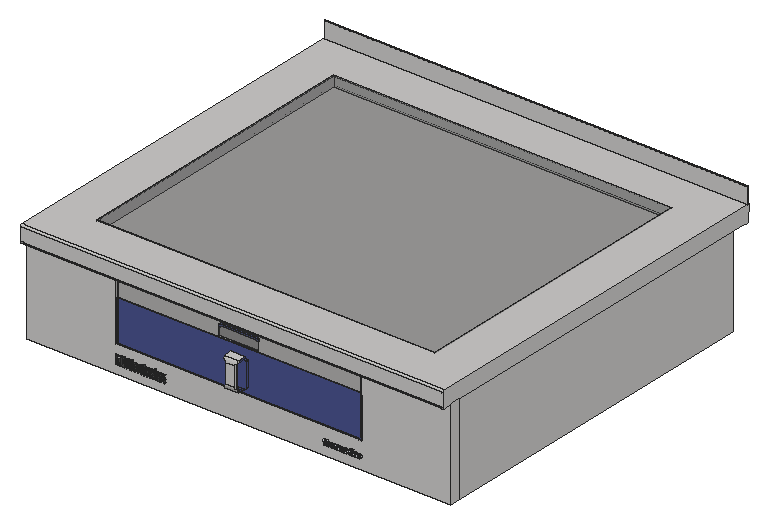
Revit family "QF_ELECTROLUXPROFESSIONAL_589145_MCRBABJOBO", category Attrezzature speciali, Revit 2020
Family settings
  Quota connettore circolare = Usa diametro
  Tipo di parte = Normale
  Basato su piano di lavoro = No
  Sempre verticale = Sì
  Taglio con vuoti quando caricato = No
  Condiviso = No
  Punto di calcolo locali = No
Parameters (values of type "Standard")
  Weight = 42.00 kg
  Watts = 950 W
  Volts = 230 V
  URL Manufacturer = "https://www.electroluxprofessional.com/"
  URL = "https://www.electroluxprofessional.com/"
  Steam Supply Size = 0"
  Steam Supply Minimum Pressure = 0.00 psi
  Steam Supply Maximum Pressure = 0.00 psi
  Steam Consumption per Hour = 0
  Refrigeration Suction Line Size = 0 mm
  Refrigeration Liquid Line Size = 0 mm
  Refrigerant Compressor Remote = yes
  Prospetto di default = 0 mm
  Phase = 1
  Modello = "MCRBABJOBO"
  Produttore = "Electrolux Professional"
  Length Actual = 1000 mm  # constant formula
  Item Number = "589145"
  Hot Water Size = 0"
  Height Actual = 250 mm  # constant formula
  HP = "1.3 HP"
  Gas Size = 0"
  Gas KW = 0
  Gas Input Pressure = 0.0 Btu/h
  Direct Waste Size = 0"
  Descrizione = "EL.WARMING PLATE,1S,BS,1000X900X250H"
  Depth Actual = 900 mm  # constant formula
  Cycle = 50 Hz
  Condensate Return Size = 0"
  Compressed Air Volume = 0 GPM
  Compressed Air Size = 0"
  Compressed Air Pressure = 0.00 psi
  Cold Water Size = 0"
  Accessory = yes
Reference planes
  plane 1 "BACK": y = 0
  plane 2: z = 0
  plane 3 "LEFT": x = 0
  plane 4 "RIGHT": x = 1000
  plane 5 "FRONT": y = -900
  plane 6 "TOP": z = 900
  plane 7 "Center (Left/Right)": x = 500
  plane 8: y = -450
  plane 9: y = -150
  plane 10: x = 100
  plane 11: x = 900
  plane 12: y = -100
  plane 13: y = -800
  plane 14 "EIx": x = 955
  plane 15 "EIy": y = -685
  plane 16: z = 938
  plane 17 "BaseTop": z = 650
  plane 18: y = -855
Forms (mm)
  Extrusion 1, solid, material "QF_Finishes_Stainless Steel"
    sketch origin (-178.969, -4572, 100) x (-1, 0, 0) y (0, -1, 0)
      loop
        line (-178.969, -4527) -> (-178.969, -3717) -> (-1178.969, -3717) -> (-1178.969, -4527) -> (-178.969, -4527)
    from 550 to 762.969
  Extrusion 2, solid, material "QF_Finishes_Stainless Steel"
    sketch origin (0, 0, 650) x (-1, 0, 0) y (0, -1, 0)
      loop
        circle (-955, 685) r 6.35
    from 0 to -11.851
  Extrusion 3, solid, material "QF_Finishes_Stainless Steel"
    sketch origin (500, 296.4, 1219.2) x (0, 1, 0) y (0, 0, 1)
      loop
        line (-296.4, -319.2) -> (-1191.4, -319.2)
        arc (-1191.4, -319.2) -> (-1194.935, -320.664) -> (-1196.4, -324.2) r 5
        line (-1196.4, -324.2) -> (-1196.4, -355.2)
        arc (-1196.4, -355.2) -> (-1194.971, -358.264) -> (-1191.705, -359.139) r 4
        line (-1191.705, -359.139) -> (-1176.4, -356.231) -> (-316.4, -356.231) -> (-301.094, -359.139)
        arc (-301.094, -359.139) -> (-297.829, -358.264) -> (-296.4, -355.2) r 4
        line (-296.4, -355.2) -> (-296.4, -319.2)
    from -500 to 500
  Extrusion 4, solid, material "QF_Finishes_Electrolux_Black Smoke Iluminated"
    sketch origin (0, 0, 900) x (-1, 0, 0) y (0, -1, 0)
      loop
        line (-100, 100) -> (-100, 800) -> (-900, 800) -> (-900, 100) -> (-100, 100)
    from 1 to -20
  Extrusion 5, void
    sketch origin (0, 0, 900) x (-1, 0, 0) y (0, -1, 0)
      loop
        line (-100, 800) -> (-900, 800) -> (-900, 100) -> (-100, 100) -> (-100, 800)
    from 0 to -25
  Extrusion 6, solid, material "QF_Finishes_Stainless Steel"
    sketch origin (500, 296.4, 1219.2) x (0, 1, 0) y (0, 0, 1)
      loop
        line (-296.4, -319.2) -> (-296.4, -281.2) -> (-298.4, -281.2) -> (-298.4, -319.2) -> (-296.4, -319.2)
    from 500 to -500
Cuts and joins
  Extrusion 5 cuts Extrusion 3
Lines and regions (mm)
  symbolic lines
    curve 1: line (0, 0, 100) -> (1000, 0, 100)
    curve 2: line (0, -900, 100) -> (0, 0, 100)
    curve 3: line (1000, -900, 100) -> (0, -900, 100)
    curve 4: line (1000, 0, 100) -> (1000, -900, 100)
    curve 5: line (100, -800, 0) -> (900, -800, 0)
    curve 6: line (900, -800, 0) -> (900, -100, 0)
    curve 7: line (900, -100, 0) -> (100, -100, 0)
    curve 8: line (100, -100, 0) -> (100, -800, 0)
    curve 9: line (0, -2, 0) -> (1000, -2, 0)
Dimensions and locks
  plane 3 "LEFT" to plane 4 "RIGHT" = 1000 mm
  locked: plane 5 "FRONT" to plane 1 "BACK" at 900
  equal spacing: plane 3 "LEFT", plane 7 "Center (Left/Right)", plane 4 "RIGHT"
  equal spacing: plane 5 "FRONT", plane 8, plane 1 "BACK"
  plane 6 "TOP" to level = 900 mm  (x2)
  plane 1 "BACK" to plane 9 = 150 mm
  plane 1 "BACK" to Extrusion 2 = 685 mm
  locked: plane 14 "EIx" to plane 4 "RIGHT" at 45
  locked: plane 15 "EIy" to plane 1 "BACK" at 685
  plane 16 to plane 6 "TOP" = 38 mm
  locked: plane 12 to plane 1 "BACK" at 100
  locked: plane 5 "FRONT" to plane 13 at 100
  plane 3 "LEFT" to plane 10 = 100 mm
  plane 11 to plane 4 "RIGHT" = 100 mm
  locked: plane 6 "TOP" to plane 17 "BaseTop" at 250
  locked: plane 18 to plane 5 "FRONT" at 45
  aligned and locked: level to plane 2
  aligned and locked: cut or joined group of Extrusion 3, Extrusion 5 to plane 3 "LEFT"
  aligned and locked: cut or joined group of Extrusion 3, Extrusion 5 to plane 4 "RIGHT"
  aligned and locked: Extrusion 5 sketch curve to plane 10
  aligned and locked: plane 12 to Extrusion 5 sketch curve
  aligned and locked: plane 11 to Extrusion 5 sketch curve
  aligned and locked: Extrusion 5 sketch curve to plane 13
  aligned and locked: plane 12 to Extrusion 4 sketch curve
  aligned and locked: Extrusion 4 sketch curve to plane 10
  aligned and locked: Extrusion 4 sketch curve to plane 13
  aligned and locked: plane 11 to Extrusion 4 sketch curve
  aligned and locked: nested 1 to plane 18
  aligned and locked: Extrusion 1 to plane 18
  aligned and locked: Extrusion 6 to plane 3 "LEFT"
  aligned and locked: Extrusion 6 to plane 4 "RIGHT"
Automatic sketch dimensions
  Extrusion 3 sketch curve to plane 5 "FRONT" = 0 mm
  Extrusion 3 sketch curve to plane 6 "TOP" = 0 mm
  Extrusion 3 sketch curve to plane 1 "BACK" = 0 mm
  Extrusion 3 sketch curve to plane 5 "FRONT" = 4 mm
  Extrusion 3 sketch curve to Extrusion 3 sketch curve = 0.695 mm
  Extrusion 3 sketch curve to plane 5 "FRONT" = 5 mm
  Extrusion 3 sketch curve to Extrusion 3 sketch curve = 15.305 mm
  plane 1 "BACK" to Extrusion 3 sketch curve = 20 mm
  plane 1 "BACK" to Extrusion 3 sketch curve = 4.695 mm
  Extrusion 3 sketch curve to Extrusion 3 sketch curve = 4 mm
  Extrusion 3 sketch curve to Extrusion 3 sketch curve = 31 mm
  Extrusion 3 sketch curve to plane 6 "TOP" = 36 mm
  Extrusion 3 sketch curve to Extrusion 3 sketch curve = 2.909 mm
  Extrusion 1 sketch curve to plane 4 "RIGHT" = 0 mm
  Extrusion 1 sketch curve to plane 3 "LEFT" = 0 mm
  plane 1 "BACK" to Extrusion 1 sketch curve = 45 mm
  plane 1 "BACK" to curve 1 = 0 mm
  curve 1 to plane 4 "RIGHT" = 0 mm
  curve 2 to plane 3 "LEFT" = 0 mm
  plane 5 "FRONT" to curve 3 = 0 mm
  curve 5 to plane 10 = 0 mm
  curve 5 to plane 11 = 0 mm
  plane 13 to curve 6 = 0 mm
  plane 12 to curve 6 = 0 mm
  Extrusion 2 sketch curve to plane 14 "EIx" = 0 mm
  Extrusion 2 sketch curve to plane 15 "EIy" = 0 mm
  Extrusion 1 sketch curve to plane 5 "FRONT" = 45 mm
  Extrusion 6 sketch curve to plane 6 "TOP" = 0 mm
  Extrusion 6 sketch curve to plane 16 = 0 mm
  Extrusion 6 sketch curve to plane 1 "BACK" = 0 mm
  Extrusion 6 sketch curve to Extrusion 6 sketch curve = 2 mm
  radius of Extrusion 2 sketch curve = 6.35 mm
Nested families
  nested 1: "Front_Panel_W1000_1 Knob" at (302.376, -855, 0), type "Front_Panel_W1000_1 Knob"
Connectors
  electrical at (955, -685, 638.149)
    settings: on Extrusion 2, index 1, voltage 400 V, apparent load 33000 VA, apparent load phase1 0 VA, apparent load phase2 0 VA, apparent load phase3 0 VA, power factor 1, load classification "Other", number of poles 1, system type 30, power factor state 1, is connector primary yes, connector utility no, sub classification motor no, connector description "ELECTRICAL CONNECTION"
Definition of nested family "Front_Panel_W1000_1 Knob"
  Parameters
    Width = 1000 mm
    Default Elevation = 0 mm
  Reference planes
    plane 1 "Center (Front/Back)": y = 0
    plane 2: z = 0
    plane 3 "Center (Left/Right)": x = 197.624
    plane 4 "Left": x = -302.376
    plane 5 "Right": x = 697.624
    plane 6: y = -45
    plane 7: y = -25
    plane 8: x = 487.624
    plane 9: x = -92.376
  Forms (mm)
    Extrusion 1, solid
      sketch origin (833.217, 829.203, -1.25) x (0, 1, 0) y (0, 0, 1)
        loop
          line (-854.203, 651.25) -> (-829.203, 651.25) -> (-829.203, 864.25) -> (-854.203, 864.25) -> (-854.203, 651.25)
      from -1135.593 to -135.593
    Extrusion 2, void
      sketch origin (0, 0, 0) x (1, 0, 0) y (0, 0, 1)
        loop
          line (-92.376, 853.866) -> (-92.376, 711.866) -> (487.624, 711.866) -> (487.624, 853.866) -> (-92.376, 853.866)
      from 19.387 to 33.951
  Cuts and joins
    Extrusion 2 cuts Extrusion 1
  Dimensions and locks
    equal spacing: plane 5 "Right", plane 3 "Center (Left/Right)", plane 4 "Left"
    "Width": plane 5 "Right" to plane 4 "Left"
    aligned and locked: cut or joined group of Extrusion 1, Extrusion 2 to plane 4 "Left"
    aligned and locked: plane 5 "Right" to cut or joined group of Extrusion 1, Extrusion 2
    aligned and locked: plane 3 "Center (Left/Right)" to nested 1
    aligned and locked: cut or joined group of Extrusion 1, Extrusion 2 to nested 1
    aligned and locked: plane 9 to Extrusion 2 sketch curve
    aligned and locked: Extrusion 2 sketch curve to plane 8
    aligned and locked: plane 9 to cut or joined group of Extrusion 1, Extrusion 2
    aligned and locked: plane 8 to cut or joined group of Extrusion 1, Extrusion 2
    aligned and locked: nested 4 to plane 9
  Automatic sketch dimensions
    Extrusion 1 sketch curve to plane 1 "Center (Front/Back)" = 0 mm
    level to Extrusion 1 sketch curve = 650 mm
    level to Extrusion 2 sketch curve = 711.866 mm
    Extrusion 2 sketch curve to Extrusion 2 sketch curve = 142 mm
    Extrusion 1 sketch curve to plane 6 = 20 mm
    Extrusion 1 sketch curve to Extrusion 1 sketch curve = 213 mm
  Nested families
    nested 1: "Front glass control panel W580_1 Knob" at (197.624, 280.644, 2.752), type "Front glass control panel W580_1 Knob"
    nested 2: "Range Control Handle" at (197.624, -28.137, -209.113) x (-1, 0, 0) z (0, 0, 1), type "Range Control Handle"
    nested 3: "ELX_ThermaLine_Small" at (439.031, -25, 679.426) x (1, 0, 0) z (0, -1, 0), type "ELX_ThermaLine_Small"
      with Show Logo yes, Material_Logo none
    nested 4: "ELX_Professional_Logo_Small" at (-32.89, -25, 681.659) x (1, 0, 0) z (0, -1, 0), type "ELX_Professional_Logo_Small"
      with Show Logo yes, Material_Logo none
  Definition of nested family "Front glass control panel W580_1 Knob"
    Parameters
      Default Elevation = 0 mm
    Reference planes
      plane 1 "Center (Front/Back)": y = 0
      plane 2: z = 0
      plane 3 "Center (Left/Right)": x = 0
    Forms (mm)
      Extrusion 1, solid
        sketch origin (378.286, 0, 0.617) x (1, 0, 0) y (0, 0, 1)
          loop
            line (-668.286, 806.791) -> (-668.286, 708.497) -> (-88.286, 708.497) -> (-88.286, 806.791) -> (-668.286, 806.791)
        from 300.031 to 304.8
      Extrusion 2, solid
        sketch origin (378.286, 0, 0.617) x (1, 0, 0) y (0, 0, 1)
          loop
            line (-668.286, 850.497) -> (-668.286, 806.791) -> (-88.286, 806.791) -> (-88.286, 850.497) -> (-668.286, 850.497)
        from 300.031 to 304.8
      Extrusion 3, void
        sketch origin (378.286, 0, 0.617) x (1, 0, 0) y (0, 0, 1)
          loop
            line (-665.628, 847.565) -> (-665.628, 710.699) -> (-91.196, 710.699) -> (-91.196, 847.565) -> (-665.628, 847.565)
        from 303.697 to 304.8
      Extrusion 4, solid
        sketch origin (308.309, 1.101, -0.633) x (1, 0, 0) y (0, 0, 1)
          loop
            line (-261.431, 812.62) -> (-261.431, 834.177) -> (-266.24, 834.177) -> (-268.039, 835.977) -> (-348.469, 835.977) -> (-350.269, 834.177) -> (-355.186, 834.177) -> (-355.186, 812.62) -> (-261.431, 812.62)
        from 304.798 to 306.745
      Extrusion 5, solid
        sketch origin (308.309, 1.101, -0.633) x (1, 0, 0) y (0, 0, 1)
          loop
            line (-350.269, 834.177) -> (-348.469, 835.977) -> (-268.039, 835.977) -> (-266.24, 834.177) -> (-261.529, 834.177)
            arc (-261.529, 834.177) -> (-262.706, 838.752) -> (-266.98, 840.763) r 5.549
            line (-266.98, 840.763) -> (-349.686, 840.763)
            arc (-349.686, 840.763) -> (-353.942, 838.747) -> (-355.078, 834.177) r 5.5
            line (-355.078, 834.177) -> (-350.269, 834.177)
        from 304.798 to 306.745
    Cuts and joins
      Extrusion 3 cuts Extrusion 1
      Extrusion 3 cuts Extrusion 2
    Dimensions and locks
      equal spacing: cut or joined group of Extrusion 2, Extrusion 3, plane 3 "Center (Left/Right)", cut or joined group of Extrusion 2, Extrusion 3
      cut or joined group of Extrusion 2, Extrusion 3 to cut or joined group of Extrusion 2, Extrusion 3 = 580 mm
      aligned and locked: Extrusion 1 to Extrusion 2
      aligned and locked: Extrusion 5 sketch curve to Extrusion 4  (x4)
      aligned and locked: Extrusion 4 to Extrusion 5 sketch curve
      aligned and locked: Extrusion 5 to Extrusion 4
    Automatic sketch dimensions
      Extrusion 1 sketch curve to plane 3 "Center (Left/Right)" = 290 mm
      plane 3 "Center (Left/Right)" to Extrusion 1 sketch curve = 290 mm
      level to Extrusion 1 sketch curve = 709.114 mm
      Extrusion 1 sketch curve to Extrusion 1 sketch curve = 98.294 mm
      Extrusion 2 sketch curve to plane 3 "Center (Left/Right)" = 290 mm
      plane 3 "Center (Left/Right)" to Extrusion 2 sketch curve = 290 mm
      level to Extrusion 2 sketch curve = 807.408 mm
      Extrusion 2 sketch curve to Extrusion 2 sketch curve = 43.706 mm
      Extrusion 3 sketch curve to plane 3 "Center (Left/Right)" = 287.342 mm
      plane 3 "Center (Left/Right)" to Extrusion 3 sketch curve = 287.091 mm
      level to Extrusion 3 sketch curve = 711.316 mm
      Extrusion 3 sketch curve to Extrusion 3 sketch curve = 136.866 mm
      Extrusion 4 sketch curve to plane 3 "Center (Left/Right)" = 46.877 mm
      Extrusion 4 sketch curve to Extrusion 4 sketch curve = 4.917 mm
      Extrusion 4 sketch curve to Extrusion 4 sketch curve = 1.8 mm  (x3)
      plane 3 "Center (Left/Right)" to Extrusion 4 sketch curve = 40.269 mm
      Extrusion 4 sketch curve to Extrusion 4 sketch curve = 4.809 mm
      level to Extrusion 4 sketch curve = 811.987 mm
      Extrusion 4 sketch curve to Extrusion 4 sketch curve = 21.557 mm  (x2)
      Extrusion 5 sketch curve to Extrusion 5 sketch curve = 4.809 mm
      Extrusion 5 sketch curve to Extrusion 5 sketch curve = 0.583 mm
      plane 3 "Center (Left/Right)" to Extrusion 5 sketch curve = 40.269 mm
      Extrusion 5 sketch curve to Extrusion 5 sketch curve = 1.059 mm
      Extrusion 5 sketch curve to Extrusion 5 sketch curve = 0.741 mm
      Extrusion 5 sketch curve to Extrusion 5 sketch curve = 4.711 mm
      Extrusion 5 sketch curve to Extrusion 5 sketch curve = 1.037 mm
  Definition of nested family "Range Control Handle"
    Parameters
      Default Elevation = 0 mm
    Reference planes
      plane 1 "Center (Front/Back)": y = 0
      plane 2: z = 0
      plane 3 "Center (Left/Right)": x = 0
      plane 4: z = 971.092
      plane 5: y = -16.9
    Forms (mm)
      Extrusion 1, solid
        sketch origin (-746.28, 380.497, 208.931) x (-1, 0, 0) y (0, 0, 1)
          loop
            line (-770.101, 786.798) -> (-770.101, 731.649)
            arc (-770.101, 731.649) -> (-769.759, 730.563) -> (-768.855, 729.87) r 1.893
            line (-768.855, 729.87) -> (-763.474, 727.911) -> (-729.81, 727.911) -> (-724.428, 729.87)
            arc (-724.428, 729.87) -> (-723.525, 730.563) -> (-723.183, 731.649) r 1.893
            line (-723.183, 731.649) -> (-723.183, 786.798)
            arc (-723.183, 786.798) -> (-723.529, 787.894) -> (-724.44, 788.593) r 1.91
            line (-724.44, 788.593) -> (-729.683, 790.819) -> (-763.601, 790.819) -> (-768.844, 788.593)
            arc (-768.844, 788.593) -> (-769.755, 787.894) -> (-770.101, 786.798) r 1.91
        from -382.35 to -378.852
      Sweep 2, solid
        path origin (-746.788, 380.496, 208.091) x (0, -1, 0) y (0, 0, 1)
          loop
            line (379.775, 793.281) -> (395.661, 791.048)
            arc (395.661, 791.048) -> (397.781, 787.377) -> (398.517, 783.202) r 12.207
            line (398.517, 783.202) -> (398.517, 737.368)
            arc (398.517, 737.368) -> (397.781, 733.193) -> (395.661, 729.522) r 12.207
            line (395.661, 729.522) -> (379.775, 727.289)
        profile origin (-746.788, -7.222, 1000.256) x (0, -0.139173, 0.990268) y (-1, 0, 0)
          loop
            line (0.782, -763.123) -> (0.782, -730.907) -> (-1.322, -730.907) -> (-1.322, -763.123) -> (0.782, -763.123)
      Sweep 3, solid
        path origin (-746.788, 380.715, 207.832) x (0, -1, 0) y (0, 0, 1)
          loop
            line (380.478, 795.442) -> (397.218, 793.09)
            arc (397.218, 793.09) -> (399.929, 788.473) -> (400.871, 783.202) r 15.207
            line (400.871, 783.202) -> (400.871, 737.584)
            arc (400.871, 737.584) -> (399.914, 732.274) -> (397.164, 727.633) r 15.207
            line (397.164, 727.633) -> (380.601, 725.305)
        profile origin (-746.788, -8.132, 1002.099) x (0, -0.139173, 0.990268) y (-1, 0, 0)
          loop
            line (0.782, -763.123) -> (0.782, -730.907) -> (-1.322, -730.907) -> (-1.322, -763.123) -> (0.782, -763.123)
      Extrusion 4, void
        sketch origin (889.253, 220.666, 207.993) x (1, 0, 0) y (0, 0, 1)
          loop
            line (-943.038, 816.854) -> (-943.038, 703.686) -> (-899.466, 734.196) -> (-899.466, 786.344) -> (-943.038, 816.854)
        from 230.636 to 242.25
      Extrusion 5, void
        sketch origin (-888.8, 220.666, 207.993) x (-1, 0, 0) y (0, 0, -1)
          loop
            line (-943.038, -816.854) -> (-899.466, -786.344) -> (-899.466, -734.196) -> (-943.038, -703.686) -> (-943.038, -816.854)
        from 230.636 to 242.25
      Extrusion 6, solid
        sketch origin (0, 0, 0) x (1, 0, 0) y (0, 0, 1)
          loop
            circle (0, 971.092) r 7.736
        from -3.137 to -1.645
    Cuts and joins
      Extrusion 4, Extrusion 5 cuts Sweep 3
      Extrusion 4, Extrusion 5 cuts Sweep 2
      joined: Extrusion 1, Extrusion 6
    Lines and regions (mm)
      symbolic lines
        curve 1: line (16.334, -16.9, 0) -> (16.334, -19.227, 0)
        curve 2: spline (16.334, -19.227, 0) -> (15.87, -19.385, 0) -> (15.404, -19.536, 0) -> (14.936, -19.678, 0) -> (14.466, -19.813, 0) -> (13.995, -19.94, 0) -> (13.523, -20.059, 0) -> (13.049, -20.171, 0) -> (12.575, -20.274, 0) -> (12.099, -20.37, 0) -> (11.622, -20.458, 0) -> (11.144, -20.537, 0) -> (10.666, -20.609, 0)
        curve 3: line (10.666, -16.9, 0) -> (10.666, -20.938, 0)
        curve 4: line (-10.213, -20.938, 0) -> (10.666, -20.938, 0)
        curve 5: line (-10.213, -20.938, 0) -> (-10.213, -16.9, 0)
        curve 6: spline (-10.213, -20.609, 0) -> (-10.691, -20.537, 0) -> (-11.169, -20.458, 0) -> (-11.646, -20.37, 0) -> (-12.122, -20.274, 0) -> (-12.597, -20.171, 0) -> (-13.07, -20.059, 0) -> (-13.542, -19.94, 0) -> (-14.013, -19.813, 0) -> (-14.483, -19.678, 0) -> (-14.951, -19.536, 0) -> (-15.417, -19.385, 0) -> (-15.881, -19.227, 0)
        curve 7: line (-15.881, -19.227, 0) -> (-15.881, -16.9, 0)
  Definition of nested family "ELX_ThermaLine_Small"
    Parameters
      Show Logo [instance] = yes
      Material_Logo [instance] = none
      Default Elevation = 0 mm
    Reference planes
      plane 1 "Centro (Fronte/Retro)": y = 0
      plane 2: z = 0
      plane 3 "Centro (Sinistra/Destra)": x = 0
    Forms (mm)
      Extrusion 1, solid
        sketch origin (0, 0, 0) x (1, 0, 0) y (0, 1, 0)
          loop
            line (-1219.2, 1219.2) -> (-1219.2, -1219.2) -> (1219.2, -1219.2) -> (1219.2, 1219.2) -> (-1219.2, 1219.2)
        from 0 to -304.8
      Extrusion 2, solid
        sketch origin (0, 0, 0) x (1, 0, 0) y (0, 1, 0)
          loop
            line (-37.494, 1.229) -> (-35.908, 1.229) -> (-35.908, 3.066) -> (-37.494, 3.066) -> (-37.494, 6.221) -> (-39.867, 4.881) -> (-39.867, 3.066) -> (-40.969, 3.066) -> (-40.969, 1.229) -> (-39.867, 1.229) -> (-39.867, -3.407)
            arc (-39.867, -3.407) -> (-38.982, -5.513) -> (-36.751, -6.001) r 2.478
            line (-36.751, -6.001) -> (-35.638, -5.7) -> (-35.9, -3.835) -> (-36.661, -4.039)
            arc (-36.661, -4.039) -> (-37.236, -3.924) -> (-37.494, -3.399) r 0.662
            line (-37.494, -3.399) -> (-37.494, 1.229)
          loop
            line (-34.242, 6.539) -> (-34.242, -5.848) -> (-31.854, -5.848) -> (-31.854, -0.078)
            arc (-31.854, -0.078) -> (-30.939, 1.249) -> (-29.33, 1.367) r 1.866
            arc (-29.33, 1.367) -> (-28.695, 0.768) -> (-28.461, -0.073) r 1.627
            line (-28.461, -0.073) -> (-28.461, -5.848) -> (-26.086, -5.848) -> (-26.064, -0.46)
            arc (-26.064, -0.46) -> (-26.261, 0.932) -> (-26.786, 2.237) r 5.825
            arc (-26.786, 2.237) -> (-29.381, 3.264) -> (-31.854, 1.971) r 3.353
            line (-31.854, 1.971) -> (-31.854, 6.539) -> (-34.242, 6.539)
          loop
            arc (-18.398, -0.598) -> (-18.893, 0.879) -> (-20.326, 1.487) r 1.897
            arc (-20.326, 1.487) -> (-21.461, 0.708) -> (-21.897, -0.598) r 2.164
            line (-21.897, -0.598) -> (-18.398, -0.598)
          loop
            arc (-16.021, -2.044) -> (-16.754, 1.227) -> (-19.444, 3.226) r 4.814
            arc (-19.444, 3.226) -> (-22.137, 2.788) -> (-23.943, 0.743) r 4.054
            arc (-23.943, 0.743) -> (-24.382, -1.249) -> (-24.162, -3.276) r 6.289
            arc (-24.162, -3.276) -> (-23.302, -4.71) -> (-21.958, -5.705) r 4.28
            arc (-21.958, -5.705) -> (-18.558, -5.814) -> (-16.152, -3.409) r 4.28
            line (-16.152, -3.409) -> (-18.5, -2.995)
            arc (-18.5, -2.995) -> (-19.273, -3.994) -> (-20.533, -4.076) r 1.536
            arc (-20.533, -4.076) -> (-21.56, -3.281) -> (-21.958, -2.044) r 2.197
            line (-21.958, -2.044) -> (-16.021, -2.044)
          loop
            line (-14.165, -5.848) -> (-11.819, -5.848) -> (-11.819, -2.138)
            arc (-11.819, -2.138) -> (-11.787, -1.156) -> (-11.637, -0.185) r 8.18
            arc (-11.637, -0.185) -> (-10.644, 0.972) -> (-9.132, 0.776) r 1.603
            line (-9.132, 0.776) -> (-8.419, 2.846)
            arc (-8.419, 2.846) -> (-10.432, 3.118) -> (-11.994, 1.821) r 2.527
            line (-11.994, 1.821) -> (-11.994, 3.094) -> (-14.165, 3.094) -> (-14.165, -5.848)
          loop
            line (-7.579, 3.094) -> (-7.579, -5.848) -> (-5.178, -5.848) -> (-5.178, -0.756)
            arc (-5.178, -0.756) -> (-4.727, 0.679) -> (-3.417, 1.419) r 2.05
            arc (-3.417, 1.419) -> (-2.499, 0.908) -> (-2.155, -0.085) r 1.471
            line (-2.155, -0.085) -> (-2.155, -5.848) -> (0.23, -5.848) -> (0.23, -1.001)
            arc (0.23, -1.001) -> (0.47, 0.127) -> (1.148, 1.061) r 2.775
            arc (1.148, 1.061) -> (2.225, 1.329) -> (3.05, 0.587) r 1.182
            arc (3.05, 0.587) -> (3.199, -0.019) -> (3.214, -0.642) r 2.894
            line (3.214, -0.642) -> (3.214, -5.848) -> (5.601, -5.848) -> (5.601, 0.261)
            arc (5.601, 0.261) -> (4.87, 2.263) -> (2.976, 3.241) r 2.932
            arc (2.976, 3.241) -> (1.284, 2.973) -> (-0.047, 1.896) r 3.309
            arc (-0.047, 1.896) -> (-1.116, 2.865) -> (-2.506, 3.258) r 3.16
            arc (-2.506, 3.258) -> (-4.105, 2.942) -> (-5.376, 1.92) r 3.419
            line (-5.376, 1.92) -> (-5.376, 3.094) -> (-7.579, 3.094)
          loop
            line (7.583, 0.738) -> (9.702, 0.364)
            arc (9.702, 0.364) -> (11.441, 1.492) -> (12.855, -0.023) r 1.613
            line (12.855, -0.023) -> (9.782, -0.789)
            arc (9.782, -0.789) -> (8.559, -1.346) -> (7.617, -2.305) r 3.687
            arc (7.617, -2.305) -> (7.499, -3.681) -> (7.901, -5.003) r 3.651
            arc (7.901, -5.003) -> (9.107, -5.766) -> (10.515, -6.006) r 3.635
            arc (10.515, -6.006) -> (11.898, -5.697) -> (13.067, -4.895) r 3.734
            line (13.067, -4.895) -> (13.376, -5.848) -> (15.75, -5.848) -> (15.212, -4.193) -> (15.212, 0.38)
            arc (15.212, 0.38) -> (14.897, 1.849) -> (13.818, 2.895) r 2.585
            arc (13.818, 2.895) -> (11.792, 3.442) -> (9.719, 3.11) r 5.005
            arc (9.719, 3.11) -> (8.369, 2.178) -> (7.583, 0.738) r 3.54
          loop
            line (19.723, -5.848) -> (22.233, -5.848) -> (24.854, 6.484) -> (22.345, 6.484) -> (19.723, -5.848)
          loop
            line (24.583, -5.848) -> (26.953, -5.848) -> (28.848, 3.066) -> (26.478, 3.066) -> (24.583, -5.848)
          loop
            line (27.204, 6.484) -> (26.741, 4.305) -> (29.111, 4.305) -> (29.575, 6.484) -> (27.204, 6.484)
          loop
            line (29.355, -5.848) -> (31.849, -5.848) -> (33.098, 0.028)
            arc (33.098, 0.028) -> (34.169, 1.306) -> (35.832, 1.422) r 2.132
            arc (35.832, 1.422) -> (36.324, 0.752) -> (36.383, -0.078) r 1.5
            line (36.383, -0.078) -> (35.157, -5.848) -> (37.536, -5.848) -> (38.936, 0.738)
            arc (38.936, 0.738) -> (38.775, 2.091) -> (37.825, 3.066) r 2.118
            arc (37.825, 3.066) -> (35.392, 3.175) -> (33.295, 1.937) r 4.271
            line (33.295, 1.937) -> (33.535, 3.066) -> (31.25, 3.066) -> (29.355, -5.848)
          loop
            line (42.792, -0.64) -> (46.589, -0.64)
            arc (46.589, -0.64) -> (46.639, 0.124) -> (46.327, 0.823) r 1.589
            arc (46.327, 0.823) -> (45.117, 1.521) -> (43.762, 1.183) r 1.865
            arc (43.762, 1.183) -> (43.141, 0.344) -> (42.792, -0.64) r 3.538
          loop
            line (42.565, -2.138) -> (48.593, -2.138)
            arc (48.593, -2.138) -> (48.58, 0.597) -> (46.983, 2.818) r 4.494
            arc (46.983, 2.818) -> (44.191, 3.28) -> (41.725, 1.891) r 4.26
            arc (41.725, 1.891) -> (40.503, -0.3) -> (40.284, -2.799) r 6.003
            arc (40.284, -2.799) -> (40.959, -4.468) -> (42.377, -5.576) r 3.482
            arc (42.377, -5.576) -> (44.265, -5.961) -> (46.152, -5.576) r 4.823
            arc (46.152, -5.576) -> (47.432, -4.731) -> (48.328, -3.485) r 4.245
            line (48.328, -3.485) -> (46.168, -3.105)
            arc (46.168, -3.105) -> (45.214, -4.072) -> (43.859, -4.181) r 1.953
            arc (43.859, -4.181) -> (42.821, -3.408) -> (42.565, -2.138) r 1.81
          loop
            line (12.868, -1.553) -> (10.216, -2.214)
            arc (10.216, -2.214) -> (9.747, -3.136) -> (10.216, -4.058) r 1.14
            arc (10.216, -4.058) -> (11.537, -4.249) -> (12.614, -3.46) r 1.763
            arc (12.614, -3.46) -> (12.858, -2.522) -> (12.868, -1.553) r 3.97
        from 0 to 1.6
    Dimensions and locks
      aligned and locked: plane 2 to Extrusion 1
      aligned and locked: level to Extrusion 1
  Definition of nested family "ELX_Professional_Logo_Small"
    Parameters
      Show Logo [instance] = yes
      Material_Logo [instance] = none
      Default Elevation = 0 mm
    Reference planes
      plane 1 "Centro (Fronte/Retro)": y = 0
      plane 2: z = 0
      plane 3 "Centro (Sinistra/Destra)": x = 0
    Forms (mm)
      Extrusion 1, solid
        sketch origin (0, 0, 0) x (1, 0, 0) y (0, 1, 0)
          loop
            line (-1219.2, 1219.2) -> (-1219.2, -1219.2) -> (1219.2, -1219.2) -> (1219.2, 1219.2) -> (-1219.2, 1219.2)
        from 0 to -304.8
      Extrusion 2, solid, material <- "Material_Logo"
        sketch origin (15.5, 0, 0) x (1, 0, 0) y (0, 1, 0)
          loop
            spline (-42.99, -1.24) -> (-43.195, -1.231) -> (-43.415, -1.203) -> (-43.642, -1.152) -> (-43.87, -1.074) -> (-44.095, -0.966) -> (-44.309, -0.825) -> (-44.506, -0.647) -> (-44.681, -0.429) -> (-44.828, -0.167) -> (-44.94, 0.142) -> (-45.011, 0.501) -> (-45.037, 0.915)
            line (-45.037, 0.915) -> (-45.037, 2.748) -> (-38.984, 2.748) -> (-38.984, 5.086) -> (-45.038, 5.086) -> (-45.038, 8.489) -> (-38.599, 8.489) -> (-38.599, 10.82) -> (-47.515, 10.82) -> (-47.515, 1.021)
            spline (-47.515, 1.021) -> (-47.493, 0.418) -> (-47.425, -0.15) -> (-47.311, -0.682) -> (-47.15, -1.175) -> (-46.939, -1.628) -> (-46.678, -2.038) -> (-46.365, -2.404) -> (-46, -2.723) -> (-45.58, -2.995) -> (-45.105, -3.216) -> (-44.573, -3.385) -> (-43.983, -3.499)
            line (-43.983, -3.499) -> (-43.01, -3.569) -> (-38.426, -3.569) -> (-38.426, -1.24) -> (-42.99, -1.24)
          loop
            line (-36.666, 4.021) -> (-36.666, -3.573) -> (-34.188, -3.573) -> (-34.188, 10.824) -> (-36.666, 10.824) -> (-36.666, 4.021)
          loop
            spline (-21.915, 1.897) -> (-21.957, 2.615) -> (-22.082, 3.303) -> (-22.285, 3.955) -> (-22.563, 4.564) -> (-22.913, 5.124) -> (-23.331, 5.629) -> (-23.814, 6.074) -> (-24.359, 6.451) -> (-24.961, 6.755) -> (-25.618, 6.98) -> (-26.326, 7.119) -> (-27.081, 7.167)
            spline (-27.081, 7.167) -> (-27.853, 7.122) -> (-28.586, 6.99) -> (-29.275, 6.774) -> (-29.915, 6.478) -> (-30.5, 6.104) -> (-31.024, 5.657) -> (-31.483, 5.138) -> (-31.871, 4.553) -> (-32.182, 3.904) -> (-32.411, 3.194) -> (-32.552, 2.427) -> (-32.6, 1.606)
            spline (-32.6, 1.606) -> (-32.553, 0.805) -> (-32.416, 0.057) -> (-32.193, -0.637) -> (-31.887, -1.271) -> (-31.504, -1.843) -> (-31.048, -2.35) -> (-30.523, -2.788) -> (-29.934, -3.154) -> (-29.284, -3.444) -> (-28.579, -3.656) -> (-27.822, -3.785) -> (-27.019, -3.829)
            spline (-27.019, -3.829) -> (-26.627, -3.82) -> (-26.239, -3.79) -> (-25.856, -3.739) -> (-25.477, -3.663) -> (-25.103, -3.562) -> (-24.734, -3.432) -> (-24.369, -3.273) -> (-24.01, -3.082) -> (-23.655, -2.858) -> (-23.305, -2.597) -> (-22.96, -2.299) -> (-22.621, -1.962)
            line (-22.621, -1.962) -> (-24.114, -0.509)
            spline (-24.114, -0.509) -> (-24.311, -0.699) -> (-24.509, -0.872) -> (-24.71, -1.03) -> (-24.915, -1.172) -> (-25.126, -1.297) -> (-25.346, -1.407) -> (-25.576, -1.5) -> (-25.817, -1.576) -> (-26.072, -1.636) -> (-26.342, -1.678) -> (-26.629, -1.704) -> (-26.936, -1.713)
            spline (-26.936, -1.713) -> (-27.384, -1.691) -> (-27.805, -1.625) -> (-28.196, -1.518) -> (-28.556, -1.372) -> (-28.882, -1.187) -> (-29.174, -0.966) -> (-29.429, -0.71) -> (-29.645, -0.422) -> (-29.821, -0.102) -> (-29.955, 0.247) -> (-30.045, 0.623) -> (-30.089, 1.026)
            line (-30.089, 1.026) -> (-21.956, 1.026) -> (-21.915, 1.897)
          loop
            spline (-24.446, 2.769) -> (-24.47, 3.075) -> (-24.54, 3.37) -> (-24.654, 3.65) -> (-24.807, 3.913) -> (-24.996, 4.156) -> (-25.219, 4.376) -> (-25.472, 4.57) -> (-25.753, 4.736) -> (-26.057, 4.869) -> (-26.382, 4.968) -> (-26.724, 5.03) -> (-27.081, 5.051)
            spline (-27.081, 5.051) -> (-27.464, 5.03) -> (-27.832, 4.97) -> (-28.183, 4.872) -> (-28.513, 4.74) -> (-28.819, 4.577) -> (-29.099, 4.384) -> (-29.347, 4.165) -> (-29.563, 3.923) -> (-29.742, 3.659) -> (-29.881, 3.377) -> (-29.977, 3.079) -> (-30.027, 2.769)
            line (-30.027, 2.769) -> (-24.446, 2.769)
          loop
            spline (-18.167, 1.669) -> (-18.138, 2.13) -> (-18.055, 2.567) -> (-17.921, 2.978) -> (-17.739, 3.358) -> (-17.512, 3.705) -> (-17.243, 4.016) -> (-16.937, 4.287) -> (-16.596, 4.517) -> (-16.223, 4.7) -> (-15.823, 4.835) -> (-15.398, 4.919) -> (-14.951, 4.947)
            spline (-14.951, 4.947) -> (-14.677, 4.938) -> (-14.414, 4.913) -> (-14.162, 4.871) -> (-13.921, 4.812) -> (-13.69, 4.738) -> (-13.467, 4.649) -> (-13.254, 4.544) -> (-13.048, 4.424) -> (-12.85, 4.291) -> (-12.659, 4.143) -> (-12.474, 3.981) -> (-12.295, 3.806)
            line (-12.295, 3.806) -> (-10.76, 5.403)
            spline (-10.76, 5.403) -> (-11.065, 5.709) -> (-11.38, 5.984) -> (-11.703, 6.228) -> (-12.035, 6.443) -> (-12.375, 6.63) -> (-12.723, 6.788) -> (-13.078, 6.92) -> (-13.44, 7.026) -> (-13.809, 7.107) -> (-14.184, 7.164) -> (-14.564, 7.198) -> (-14.951, 7.209)
            spline (-14.951, 7.209) -> (-15.725, 7.161) -> (-16.467, 7.02) -> (-17.169, 6.792) -> (-17.826, 6.482) -> (-18.43, 6.096) -> (-18.976, 5.637) -> (-19.455, 5.112) -> (-19.862, 4.525) -> (-20.19, 3.882) -> (-20.433, 3.189) -> (-20.584, 2.449) -> (-20.635, 1.669)
            spline (-20.635, 1.669) -> (-20.584, 0.889) -> (-20.433, 0.149) -> (-20.19, -0.545) -> (-19.862, -1.187) -> (-19.455, -1.774) -> (-18.976, -2.299) -> (-18.43, -2.758) -> (-17.826, -3.145) -> (-17.169, -3.454) -> (-16.467, -3.682) -> (-15.725, -3.823) -> (-14.951, -3.871)
            spline (-14.951, -3.871) -> (-14.564, -3.86) -> (-14.184, -3.826) -> (-13.809, -3.77) -> (-13.44, -3.689) -> (-13.078, -3.583) -> (-12.723, -3.451) -> (-12.375, -3.292) -> (-12.035, -3.105) -> (-11.703, -2.89) -> (-11.38, -2.646) -> (-11.065, -2.371) -> (-10.76, -2.066)
            line (-10.76, -2.066) -> (-12.295, -0.468)
            spline (-12.295, -0.468) -> (-12.474, -0.643) -> (-12.659, -0.805) -> (-12.85, -0.953) -> (-13.048, -1.087) -> (-13.254, -1.206) -> (-13.467, -1.311) -> (-13.69, -1.4) -> (-13.921, -1.475) -> (-14.162, -1.533) -> (-14.414, -1.575) -> (-14.677, -1.6) -> (-14.951, -1.609)
            spline (-14.951, -1.609) -> (-15.398, -1.581) -> (-15.823, -1.497) -> (-16.223, -1.362) -> (-16.596, -1.179) -> (-16.937, -0.95) -> (-17.243, -0.678) -> (-17.512, -0.367) -> (-17.739, -0.02) -> (-17.921, 0.36) -> (-18.055, 0.771) -> (-18.138, 1.208) -> (-18.167, 1.669)
          loop
            spline (-4.441, -1.243) -> (-4.659, -1.247) -> (-4.894, -1.23) -> (-5.137, -1.19) -> (-5.384, -1.121) -> (-5.628, -1.021) -> (-5.864, -0.884) -> (-6.084, -0.708) -> (-6.283, -0.488) -> (-6.454, -0.219) -> (-6.592, 0.101) -> (-6.69, 0.478) -> (-6.742, 0.914)
            line (-6.742, 0.914) -> (-6.742, 4.587) -> (-4.487, 4.587) -> (-4.487, 6.838) -> (-6.738, 6.838) -> (-6.738, 10.824) -> (-9.217, 10.824) -> (-9.217, 0.773)
            spline (-9.217, 0.773) -> (-9.164, 0.19) -> (-9.068, -0.358) -> (-8.928, -0.87) -> (-8.742, -1.343) -> (-8.511, -1.777) -> (-8.232, -2.168) -> (-7.904, -2.515) -> (-7.527, -2.816) -> (-7.098, -3.069) -> (-6.618, -3.273) -> (-6.084, -3.426) -> (-5.496, -3.525)
            line (-5.496, -3.525) -> (-4.45, -3.573) -> (-4.441, -1.243)
          loop
            spline (3.898, 6.983) -> (3.469, 7.009) -> (3.056, 7.001) -> (2.661, 6.961) -> (2.283, 6.888) -> (1.925, 6.785) -> (1.588, 6.652) -> (1.272, 6.49) -> (0.979, 6.301) -> (0.71, 6.085) -> (0.465, 5.844) -> (0.247, 5.578) -> (0.056, 5.289)
            line (0.056, 5.289) -> (0.056, 6.838) -> (-2.402, 6.838) -> (-2.402, -3.572) -> (0.056, -3.572) -> (0.056, 1.901)
            spline (0.056, 1.901) -> (0.079, 2.316) -> (0.145, 2.703) -> (0.254, 3.06) -> (0.404, 3.386) -> (0.592, 3.679) -> (0.818, 3.938) -> (1.08, 4.162) -> (1.375, 4.348) -> (1.703, 4.495) -> (2.062, 4.602) -> (2.45, 4.668) -> (2.865, 4.69)
            line (2.865, 4.69) -> (3.898, 4.586) -> (3.898, 6.983)
          loop
            spline (15.638, 1.633) -> (15.586, 2.396) -> (15.435, 3.124) -> (15.192, 3.81) -> (14.863, 4.449) -> (14.455, 5.034) -> (13.975, 5.56) -> (13.43, 6.021) -> (12.826, 6.411) -> (12.17, 6.724) -> (11.469, 6.955) -> (10.729, 7.098) -> (9.958, 7.147)
            spline (9.958, 7.147) -> (9.182, 7.098) -> (8.44, 6.955) -> (7.737, 6.724) -> (7.081, 6.411) -> (6.477, 6.021) -> (5.933, 5.56) -> (5.454, 5.034) -> (5.048, 4.449) -> (4.721, 3.81) -> (4.479, 3.124) -> (4.329, 2.396) -> (4.277, 1.633)
            spline (4.277, 1.633) -> (4.329, 0.869) -> (4.479, 0.141) -> (4.721, -0.544) -> (5.048, -1.183) -> (5.454, -1.768) -> (5.933, -2.294) -> (6.477, -2.755) -> (7.081, -3.145) -> (7.737, -3.459) -> (8.44, -3.69) -> (9.182, -3.833) -> (9.958, -3.882)
            spline (9.958, -3.882) -> (10.729, -3.833) -> (11.469, -3.69) -> (12.17, -3.459) -> (12.826, -3.145) -> (13.43, -2.755) -> (13.975, -2.294) -> (14.455, -1.768) -> (14.863, -1.183) -> (15.192, -0.544) -> (15.435, 0.141) -> (15.586, 0.869) -> (15.638, 1.633)
          loop
            spline (13.18, 1.633) -> (13.151, 2.083) -> (13.067, 2.513) -> (12.932, 2.918) -> (12.748, 3.296) -> (12.52, 3.642) -> (12.251, 3.954) -> (11.943, 4.227) -> (11.601, 4.459) -> (11.228, 4.645) -> (10.828, 4.782) -> (10.403, 4.867) -> (9.958, 4.896)
            spline (9.958, 4.896) -> (9.509, 4.867) -> (9.081, 4.782) -> (8.679, 4.645) -> (8.306, 4.459) -> (7.964, 4.227) -> (7.658, 3.954) -> (7.39, 3.642) -> (7.163, 3.296) -> (6.981, 2.918) -> (6.847, 2.513) -> (6.765, 2.083) -> (6.736, 1.633)
            spline (6.736, 1.633) -> (6.765, 1.182) -> (6.847, 0.753) -> (6.981, 0.347) -> (7.163, -0.031) -> (7.39, -0.377) -> (7.658, -0.689) -> (7.964, -0.962) -> (8.306, -1.193) -> (8.679, -1.38) -> (9.081, -1.517) -> (9.509, -1.602) -> (9.958, -1.631)
            spline (9.958, -1.631) -> (10.403, -1.602) -> (10.828, -1.517) -> (11.228, -1.38) -> (11.601, -1.193) -> (11.943, -0.962) -> (12.251, -0.689) -> (12.52, -0.377) -> (12.748, -0.031) -> (12.932, 0.347) -> (13.067, 0.753) -> (13.151, 1.182) -> (13.18, 1.633)
          loop
            line (17.162, 4.269) -> (17.162, -3.573) -> (19.642, -3.573) -> (19.642, 10.824) -> (17.162, 10.824) -> (17.162, 4.269)
          loop
            line (28.581, 6.838) -> (28.581, 0.786)
            spline (28.581, 0.786) -> (28.561, 0.393) -> (28.503, 0.038) -> (28.409, -0.279) -> (28.281, -0.559) -> (28.122, -0.802) -> (27.933, -1.011) -> (27.717, -1.185) -> (27.476, -1.325) -> (27.213, -1.433) -> (26.929, -1.509) -> (26.626, -1.554) -> (26.308, -1.569)
            spline (26.308, -1.569) -> (25.99, -1.554) -> (25.688, -1.509) -> (25.404, -1.434) -> (25.141, -1.326) -> (24.9, -1.187) -> (24.684, -1.014) -> (24.496, -0.807) -> (24.336, -0.565) -> (24.209, -0.288) -> (24.115, 0.026) -> (24.057, 0.376) -> (24.037, 0.765)
            line (24.037, 0.765) -> (24.037, 6.838) -> (21.537, 6.838) -> (21.537, 0.558)
            spline (21.537, 0.558) -> (21.581, -0.153) -> (21.71, -0.8) -> (21.916, -1.384) -> (22.195, -1.904) -> (22.54, -2.362) -> (22.944, -2.757) -> (23.403, -3.09) -> (23.909, -3.362) -> (24.456, -3.572) -> (25.04, -3.722) -> (25.652, -3.811) -> (26.288, -3.841)
            spline (26.288, -3.841) -> (26.929, -3.811) -> (27.547, -3.72) -> (28.135, -3.568) -> (28.687, -3.355) -> (29.197, -3.079) -> (29.66, -2.741) -> (30.068, -2.341) -> (30.415, -1.877) -> (30.696, -1.349) -> (30.905, -0.757) -> (31.034, -0.101) -> (31.079, 0.621)
            line (31.079, 0.621) -> (31.079, 6.838) -> (28.581, 6.838)
          loop
            line (40.457, -0.243) -> (38.894, 1.942) -> (40.83, 4.579) -> (42.488, 6.837) -> (39.782, 6.837) -> (37.53, 3.719) -> (35.258, 6.837) -> (32.573, 6.837) -> (34.113, 4.731) -> (36.167, 1.922) -> (34.014, -1.076) -> (32.222, -3.573) -> (34.887, -3.573) -> (37.53, 0.104) -> (40.174, -3.573) -> (42.839, -3.573) -> (40.457, -0.243)
          loop
            line (-46.121, -5.837) -> (-48.039, -5.837) -> (-48.039, -10.814) -> (-47.016, -10.814) -> (-47.016, -9.128) -> (-46.121, -9.128)
            arc (-46.121, -9.128) -> (-44.476, -7.482) -> (-46.121, -5.837) r 1.645
          loop
            line (-46.163, -6.778) -> (-47.016, -6.778) -> (-47.016, -8.187) -> (-46.163, -8.187)
            arc (-46.163, -8.187) -> (-45.458, -7.482) -> (-46.163, -6.778) r 0.704
          loop
            line (-38.313, -5.837) -> (-40.265, -5.837) -> (-40.265, -10.814) -> (-39.241, -10.814) -> (-39.241, -9.1) -> (-38.46, -9.182) -> (-37.48, -10.814) -> (-36.318, -10.814) -> (-37.513, -8.848)
            arc (-37.513, -8.848) -> (-36.888, -8.266) -> (-36.671, -7.441) r 1.536
            arc (-36.671, -7.441) -> (-37.165, -6.305) -> (-38.313, -5.837) r 1.643
          loop
            arc (-38.402, -8.166) -> (-37.707, -7.505) -> (-38.334, -6.778) r 0.696
            line (-38.334, -6.778) -> (-39.241, -6.778) -> (-39.241, -8.166) -> (-38.402, -8.166)
          loop
            circle (-29.965, -8.325) r 2.585
          loop
            circle (-29.965, -8.325) r 1.64
          loop
            line (-23.1, -5.837) -> (-23.1, -10.814) -> (-22.076, -10.814) -> (-22.076, -8.768) -> (-20.204, -8.768) -> (-20.204, -7.828) -> (-22.076, -7.828) -> (-22.076, -6.778) -> (-20.024, -6.778) -> (-20.024, -5.837) -> (-23.1, -5.837)
          loop
            line (-15.802, -5.837) -> (-15.802, -9.2)
            arc (-15.802, -9.2) -> (-15.343, -10.34) -> (-14.209, -10.814) r 1.593
            line (-14.209, -10.814) -> (-12.602, -10.814) -> (-12.602, -10.027) -> (-14.004, -10.027)
            arc (-14.004, -10.027) -> (-14.552, -9.8) -> (-14.779, -9.252) r 0.775
            line (-14.779, -9.252) -> (-14.779, -8.424) -> (-12.789, -8.424) -> (-12.789, -7.642) -> (-14.779, -7.642) -> (-14.779, -6.778) -> (-12.651, -6.778) -> (-12.651, -5.837) -> (-15.802, -5.837)
          loop
            line (-5.909, -7.143) -> (-5.173, -6.638)
            arc (-5.173, -6.638) -> (-5.855, -5.974) -> (-6.781, -5.755) r 1.782
            arc (-6.781, -5.755) -> (-7.397, -5.878) -> (-7.944, -6.189) r 1.974
            arc (-7.944, -6.189) -> (-8.202, -6.5) -> (-8.317, -6.888) r 1.013
            arc (-8.317, -6.888) -> (-8.306, -7.341) -> (-8.192, -7.78) r 1.985
            arc (-8.192, -7.78) -> (-7.749, -8.259) -> (-7.171, -8.563) r 1.928
            arc (-7.171, -8.563) -> (-6.637, -8.779) -> (-6.131, -9.056) r 5.041
            arc (-6.131, -9.056) -> (-5.934, -9.387) -> (-6.09, -9.74) r 0.42
            arc (-6.09, -9.74) -> (-6.631, -9.96) -> (-7.204, -9.845) r 1.016
            arc (-7.204, -9.845) -> (-7.625, -9.603) -> (-7.889, -9.196) r 1.033
            line (-7.889, -9.196) -> (-8.67, -9.686)
            arc (-8.67, -9.686) -> (-8.361, -10.198) -> (-7.908, -10.589) r 1.914
            arc (-7.908, -10.589) -> (-7.334, -10.834) -> (-6.714, -10.896) r 2.063
            arc (-6.714, -10.896) -> (-5.947, -10.743) -> (-5.256, -10.376) r 2.696
            arc (-5.256, -10.376) -> (-4.95, -9.565) -> (-5.108, -8.712) r 1.618
            arc (-5.108, -8.712) -> (-5.448, -8.319) -> (-5.884, -8.035) r 1.876
            arc (-5.884, -8.035) -> (-6.434, -7.789) -> (-6.999, -7.577) r 9.883
            arc (-6.999, -7.577) -> (-7.325, -7.07) -> (-6.854, -6.694) r 0.45
            arc (-6.854, -6.694) -> (-6.329, -6.809) -> (-5.909, -7.143) r 1.197
          loop
            line (1.61, -7.143) -> (2.345, -6.638)
            arc (2.345, -6.638) -> (1.663, -5.974) -> (0.737, -5.755) r 1.782
            arc (0.737, -5.755) -> (0.121, -5.878) -> (-0.425, -6.189) r 1.974
            arc (-0.425, -6.189) -> (-0.683, -6.5) -> (-0.799, -6.888) r 1.013
            arc (-0.799, -6.888) -> (-0.788, -7.341) -> (-0.674, -7.78) r 1.985
            arc (-0.674, -7.78) -> (-0.231, -8.259) -> (0.347, -8.563) r 1.928
            arc (0.347, -8.563) -> (0.881, -8.779) -> (1.387, -9.056) r 5.041
            arc (1.387, -9.056) -> (1.584, -9.387) -> (1.428, -9.74) r 0.42
            arc (1.428, -9.74) -> (0.887, -9.96) -> (0.314, -9.845) r 1.016
            arc (0.314, -9.845) -> (-0.107, -9.603) -> (-0.371, -9.196) r 1.033
            line (-0.371, -9.196) -> (-1.152, -9.686)
            arc (-1.152, -9.686) -> (-0.842, -10.198) -> (-0.39, -10.589) r 1.914
            arc (-0.39, -10.589) -> (0.184, -10.834) -> (0.804, -10.896) r 2.063
            arc (0.804, -10.896) -> (1.572, -10.743) -> (2.263, -10.376) r 2.696
            arc (2.263, -10.376) -> (2.568, -9.565) -> (2.411, -8.712) r 1.618
            arc (2.411, -8.712) -> (2.07, -8.319) -> (1.635, -8.035) r 1.876
            arc (1.635, -8.035) -> (1.084, -7.789) -> (0.519, -7.577) r 9.883
            arc (0.519, -7.577) -> (0.193, -7.07) -> (0.665, -6.694) r 0.45
            arc (0.665, -6.694) -> (1.189, -6.809) -> (1.61, -7.143) r 1.197
          loop
            line (6.801, -5.837) -> (6.801, -10.814) -> (7.825, -10.814) -> (7.825, -5.837) -> (6.801, -5.837)
          loop
            circle (14.724, -8.325) r 1.548
          loop
            circle (14.724, -8.325) r 2.585
          loop
            line (21.59, -10.814) -> (22.623, -10.814) -> (22.623, -7.685) -> (24.9, -10.814) -> (25.895, -10.814) -> (25.895, -5.837) -> (24.861, -5.837) -> (24.861, -9.061) -> (22.585, -5.837) -> (21.59, -5.837) -> (21.59, -10.814)
          loop
            line (31.054, -10.814) -> (31.539, -9.74) -> (33.38, -9.74) -> (33.865, -10.814) -> (34.965, -10.814) -> (32.46, -5.837) -> (29.956, -10.814) -> (31.054, -10.814)
          loop
            line (32.46, -7.698) -> (31.999, -8.719) -> (32.921, -8.719) -> (32.46, -7.698)
          loop
            line (40.047, -9.873) -> (40.047, -5.837) -> (39.024, -5.837) -> (39.024, -10.814) -> (41.961, -10.814) -> (41.961, -9.873) -> (40.047, -9.873)
          loop
            line (-74.986, -10.814) -> (-53.322, -10.814) -> (-53.322, 10.82) -> (-74.986, 10.82) -> (-74.986, -10.814)
          loop
            line (-61.261, 9.758) -> (-61.261, -9.707)
            arc (-61.261, -9.707) -> (-54.066, 0.025) -> (-61.261, 9.758) r 10.18
          loop
            line (-62.251, 8.349) -> (-62.251, 9.758)
            arc (-62.251, 9.758) -> (-70.347, 7.918) -> (-74.247, 0.59) r 9.976
            line (-74.247, 0.59) -> (-71.026, 0.59)
            arc (-71.026, 0.59) -> (-65.274, 2.925) -> (-62.251, 8.349) r 9.351
          loop
            arc (-74.247, -0.539) -> (-70.353, -7.928) -> (-62.251, -9.957) r 10.237
            line (-62.251, -9.957) -> (-62.251, -8.298)
            arc (-62.251, -8.298) -> (-65.274, -2.874) -> (-71.026, -0.539) r 9.351
            line (-71.026, -0.539) -> (-74.247, -0.539)
        from 0 to 1.644
    Dimensions and locks
      aligned and locked: plane 2 to Extrusion 1
      aligned and locked: level to Extrusion 1
